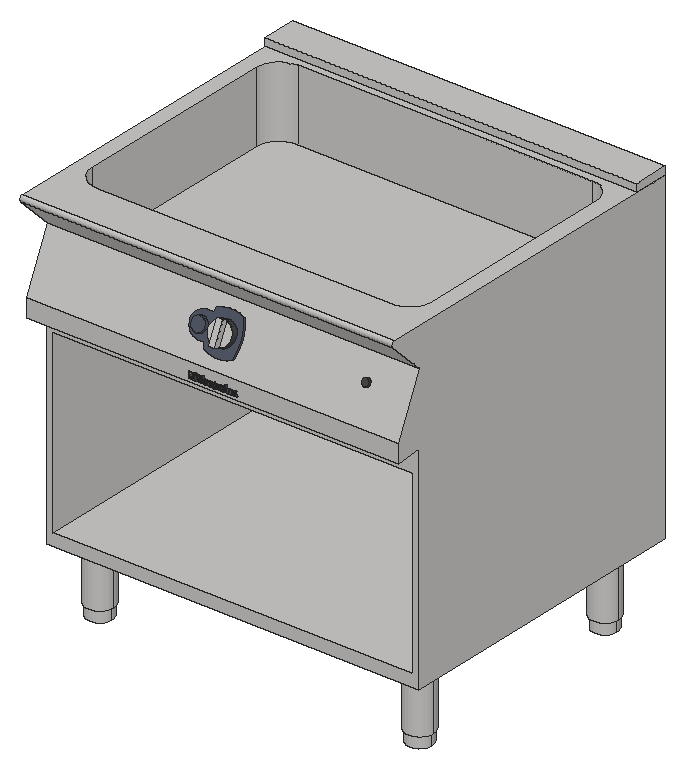
Revit family "QF_ELECTROLUXPROFESSIONAL_371106_E7MFGHDI00", category Specialty Equipment, Revit 2018 (continued)
Automatic sketch dimensions
  Extrusion 17 sketch curve to Extrusion 17 sketch curve = 2.859 mm
  Extrusion 17 sketch curve to Extrusion 17 sketch curve = 0.853 mm
  Extrusion 17 sketch curve to Extrusion 17 sketch curve = 1.241 mm
  Extrusion 17 sketch curve to Extrusion 17 sketch curve = 2.046 mm  (x2)
  Extrusion 17 sketch curve to Extrusion 17 sketch curve = 2.422 mm
  Extrusion 17 sketch curve to Extrusion 17 sketch curve = 0.27 mm
  Extrusion 17 sketch curve to Extrusion 17 sketch curve = 0.69 mm
  Extrusion 17 sketch curve to Extrusion 17 sketch curve = 0.781 mm  (x2)
  Extrusion 17 sketch curve to Extrusion 17 sketch curve = 3.136 mm
  Extrusion 17 sketch curve to Extrusion 17 sketch curve = 1.767 mm
  Extrusion 17 sketch curve to Extrusion 17 sketch curve = 0.138 mm
  Extrusion 17 sketch curve to Extrusion 17 sketch curve = 0.777 mm
  Extrusion 17 sketch curve to Extrusion 17 sketch curve = 1.19 mm
  Extrusion 17 sketch curve to Extrusion 17 sketch curve = 0.782 mm
  Extrusion 17 sketch curve to Extrusion 17 sketch curve = 1.268 mm
  Extrusion 17 sketch curve to Extrusion 17 sketch curve = 0.422 mm  (x2)
  Extrusion 17 sketch curve to Extrusion 17 sketch curve = 1.559 mm
  Extrusion 17 sketch curve to Extrusion 17 sketch curve = 3.927 mm
  Extrusion 17 sketch curve to Extrusion 17 sketch curve = 0.983 mm
  Extrusion 17 sketch curve to Extrusion 17 sketch curve = 1.134 mm
  Extrusion 17 sketch curve to Extrusion 17 sketch curve = 0.094 mm
  Extrusion 17 sketch curve to Extrusion 17 sketch curve = 1.584 mm
  plane 7 "Center Y" to Extrusion 17 sketch curve = 0.32 mm
  Extrusion 17 sketch curve to Extrusion 17 sketch curve = 0.916 mm
  Extrusion 17 sketch curve to Extrusion 17 sketch curve = 0.352 mm
  Extrusion 17 sketch curve to Extrusion 17 sketch curve = 0.458 mm
  Extrusion 17 sketch curve to Extrusion 17 sketch curve = 1.282 mm
  Extrusion 17 sketch curve to Extrusion 17 sketch curve = 1.363 mm
  Extrusion 17 sketch curve to Extrusion 17 sketch curve = 0.685 mm
  Extrusion 17 sketch curve to Extrusion 17 sketch curve = 0.905 mm
  Extrusion 17 sketch curve to Extrusion 17 sketch curve = 2.865 mm
  Extrusion 17 sketch curve to Extrusion 17 sketch curve = 0.472 mm
  Extrusion 17 sketch curve to Extrusion 17 sketch curve = 0.101 mm
  Extrusion 17 sketch curve to Extrusion 17 sketch curve = 0.54 mm
  Extrusion 17 sketch curve to Extrusion 17 sketch curve = 0.02 mm
  Extrusion 17 sketch curve to Extrusion 17 sketch curve = 0.468 mm
  Extrusion 17 sketch curve to Extrusion 17 sketch curve = 0.829 mm
  Extrusion 17 sketch curve to Extrusion 17 sketch curve = 0.582 mm
  Extrusion 17 sketch curve to Extrusion 17 sketch curve = 0.166 mm
  Extrusion 17 sketch curve to Extrusion 17 sketch curve = 0.16 mm
  Extrusion 17 sketch curve to Extrusion 17 sketch curve = 2.781 mm
  Extrusion 17 sketch curve to Extrusion 17 sketch curve = 1.118 mm
  Extrusion 17 sketch curve to Extrusion 17 sketch curve = 0.613 mm
  Extrusion 17 sketch curve to Extrusion 17 sketch curve = 0.361 mm
  Extrusion 17 sketch curve to Extrusion 17 sketch curve = 0.897 mm
  Extrusion 17 sketch curve to Extrusion 17 sketch curve = 0.167 mm
  Extrusion 17 sketch curve to Extrusion 17 sketch curve = 0.292 mm
  Extrusion 17 sketch curve to Extrusion 17 sketch curve = 0.305 mm
  Extrusion 17 sketch curve to Extrusion 17 sketch curve = 1.557 mm
  Extrusion 17 sketch curve to Extrusion 17 sketch curve = 2.499 mm
  Extrusion 17 sketch curve to Extrusion 17 sketch curve = 3.062 mm
  Extrusion 17 sketch curve to Extrusion 17 sketch curve = 2.968 mm
  Extrusion 17 sketch curve to Extrusion 17 sketch curve = 5.044 mm
  Extrusion 17 sketch curve to Extrusion 17 sketch curve = 0.629 mm  (x2)
  Extrusion 17 sketch curve to Extrusion 17 sketch curve = 1.131 mm
  Extrusion 17 sketch curve to Extrusion 17 sketch curve = 0.027 mm
  Extrusion 17 sketch curve to Extrusion 17 sketch curve = 2.235 mm
  radius of Extrusion 8 sketch curve = 12.7 mm
  radius of Extrusion 10 sketch curve = 6.35 mm
  radius of Extrusion 11 sketch curve = 10 mm
  radius of Extrusion 12 sketch curve = 8 mm
  radius of Extrusion 14 sketch curve = 25.4 mm
  radius of Extrusion 15 sketch curve to Extrusion 14 = 0 mm  (x2)
  radius of Extrusion 16 sketch curve = 15 mm
Connectors
  piping at (291, -557, 588.3), diameter 25.4
    settings: on Extrusion 8, index 1, connector inside diameter 1", connector length 0 mm, flow factor 0, pipe flow 0 GPM, pressure drop 0.00 psi, fitting loss kfactor 0, connector angle 0.00°, fixture units 0, engagement length 0 mm, angle of deflection 0.00°, flow configuration 1, flow direction 2, fitting loss method 0, system type 16, joint type 0, gender type 0, connector reference index -1, connector utility 0, adjustable connector no, is connector primary yes, connector description "Drain"
  piping at (749, -506, 137.3), diameter 12.8
    settings: on Extrusion 10, index 2, connector inside diameter 0.50394", connector length 0 mm, flow factor 0, pipe flow 0 GPM, pressure drop 0.00 psi, fitting loss kfactor 0, connector angle 0.00°, fixture units 0, engagement length 0 mm, angle of deflection 0.00°, flow configuration 1, flow direction 1, fitting loss method 0, system type 7, joint type 0, gender type 0, connector reference index -1, connector utility 0, adjustable connector no, is connector primary no, connector description "Gas Inlet"
